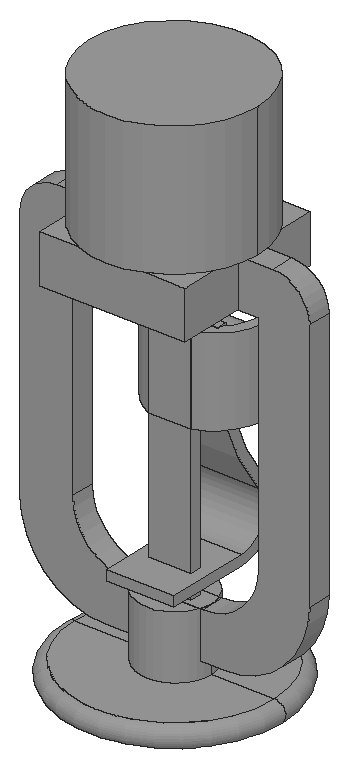
Revit family
Parameters (values of type "RASCO G PENDENT")
  Temperature Rating = 165 °F
  Response = (empty or 0)
  RASCO SIN # = "R1015"
  RASCO Part # = "GP1B"
  Pressure Rating = "175 PSI"
  Pressure Class = (empty or 0)
  Orifice Size = 1/2"
  Orifice = (empty or 0)
  Model = "G"
  Manufacturer = "RASCO"
  K-Factor = 5.62
  Description = "Brz. Finish"
  Coverage = (empty or 0)
Reference planes (in)
  plane 1 "Center (Front/Back)": y = 0
  plane 2: z = 0
  plane 3 "Center (Left/Right)": x = 0
Dimensions and locks (in)
  aligned and locked: plane 2 to level
Nested families (in)
  nested 1: "GP1B" at (-0.0055, 0.08275, 2.875) x (-1, 0, 0) z (0, 0, -1), type "RASCO G PENDENT"
Connectors (in)
  piping at (-0.0055, 0.08275, 2.875)
    settings: on nested 1, index 1, connector radius 0.43", flow factor 0, pipe flow 0 GPM, pressure drop 0.00 psi, fitting loss kfactor 0, connector angle 0.00°, fixture units 0, flow configuration 0, flow direction 0, fitting loss method 0, system type 7, connector reference index -1, connector utility 0, adjustable connector no, is connector primary yes, fitting loss table "", connector description ""
Definition of nested family "GP1B"
  Parameters (values of type "RASCO G PENDENT")
    Type Comments = ""
    Temperature Rating = 0 °F
    Response = (empty or 0)
    Pressure Rating = "0"
    Pressure Class = (empty or 0)
    Orifice Size = 0"
    Orifice = (empty or 0)
    Model = ""
    Manufacturer = ""
    K-Factor = 0
    Description = ""
    Coverage = (empty or 0)
    Assembly Code = ""
  Reference planes (in)
    plane 1 "Center (Front/Back)": y = 0
    plane 2: z = 0
    plane 3 "ref.2": z = 0.6875
    plane 4 "ref.3": z = 0.9375
    plane 5: x = -0.38065
    plane 6: x = 0.36935
    plane 7 "ref. side 1": y = 0.06402
    plane 8 "ref. side 2": y = -0.06098
    plane 9 "ref.4": z = 1.875
    plane 10 "ref.5": z = 2.875
    plane 11 "center": x = -0.00574
  Forms (in)
    Extrusion 1, solid, material "Default"
      sketch origin (0, 0, 0) x (1, 0, 0) y (0, 1, 0)
        loop
          circle (0, 0) r 0.438
      from 0 to 0.6875
    Extrusion 2, solid, material "Default"
      sketch origin (-0.12185, 0.05177, 0.6875) x (1, 0, 0) y (0, 1, 0)
        loop
          line (-0.2588, 0.356) -> (-0.2588, -0.4565) -> (0.4912, -0.4565) -> (0.4912, 0.356) -> (-0.2588, 0.356)
      from 0 to 0.25
    Extrusion 3, solid, material "Default"
      sketch origin (0, 0, 0) x (1, 0, 0) y (0, 0, 1)
        loop
          line (-0.49248, 0.9375) -> (-0.49248, 2.10276)
          arc (-0.49248, 2.10276) -> (-0.40724, 2.30855) -> (-0.20145, 2.39379) r 0.29103
          line (-0.20145, 2.39379) -> (0.18108, 2.39379)
          arc (0.18108, 2.39379) -> (0.38905, 2.30765) -> (0.47519, 2.09969) r 0.29411
          line (0.47519, 2.09969) -> (0.47519, 0.9375) -> (0.36935, 0.9375) -> (0.36935, 0.6875) -> (0.55741, 0.6875)
          arc (0.55741, 0.6875) -> (0.69165, 0.7431) -> (0.74725, 0.87734) r 0.18984
          line (0.74725, 0.87734) -> (0.74725, 2.19113)
          arc (0.74725, 2.19113) -> (0.61669, 2.50631) -> (0.3015, 2.63687) r 0.44574
          line (0.3015, 2.63687) -> (-0.30719, 2.63687)
          arc (-0.30719, 2.63687) -> (-0.62225, 2.50637) -> (-0.75275, 2.19131) r 0.44556
          line (-0.75275, 2.19131) -> (-0.75275, 0.87876)
          arc (-0.75275, 0.87876) -> (-0.69673, 0.74352) -> (-0.56149, 0.6875) r 0.19126
          line (-0.56149, 0.6875) -> (-0.38065, 0.6875) -> (-0.38065, 0.9375) -> (-0.49248, 0.9375)
      from -0.06402 to 0.06098
    Extrusion 4, solid, material "Default"
      sketch origin (-0.00199, 0, 2.4375) x (-1, 0, 0) y (0, -1, 0)
        loop
          circle (0.00574, -0.00152) r 0.1875
      from -0.04371 to 0.4375
    Revolve 5, solid, material "Default"
      sketch origin (-0.0011, 0, 0.30638) x (1, 0, 0) y (0, 0, 1)
        loop
          line (-0.00574, 2.41507) -> (-0.00574, 2.52719) -> (-0.52401, 2.52719)
          arc (-0.52401, 2.52719) -> (-0.58007, 2.47113) -> (-0.52401, 2.41507) r 0.05606
          line (-0.52401, 2.41507) -> (-0.00574, 2.41507)
        axis (-0.00574, 2.41507) -> (-0.00574, 2.52719)
      angle from 0 to 360
    Extrusion 6, solid, material "Default"
      sketch origin (0, 0, 0.9375) x (-1, 0, 0) y (0, -1, 0)
        loop
          line (-0.10175, -0.02852) -> (0.11324, -0.02852) -> (0.11324, 0.03101) -> (-0.10175, 0.03101) -> (-0.10175, -0.02852)
      from 0 to 1.45629
    Extrusion 7, solid, material "Default"
      sketch origin (-0.00574, -0.0095, -0.07537) x (0, 0, -1) y (0, -1, 0)
        loop
          line (-2.39379, 0.21198) -> (-2.39379, -0.229)
          arc (-2.39379, -0.229) -> (-2.26956, -0.41579) -> (-2.04926, -0.37342) r 0.20254
          arc (-2.04926, -0.37342) -> (-1.6599, -0.16721) -> (-1.22163, -0.12207) r 1.15319
          line (-1.22163, -0.12207) -> (-1.22163, -0.07087)
          arc (-1.22163, -0.07087) -> (-1.6782, -0.11947) -> (-2.0834, -0.33544) r 1.20419
          arc (-2.0834, -0.33544) -> (-2.24878, -0.36919) -> (-2.34279, -0.229) r 0.15154
          line (-2.34279, -0.229) -> (-2.34279, 0.21198) -> (-2.39379, 0.21198)
      from -0.17255 to 0.17398
    Extrusion 8, solid, material "Default"
      sketch origin (0, 0, 0) x (1, 0, 0) y (0, 1, 0)
        loop
          arc (0.23993, 0.23051) -> (0.19768, 0.11115) -> (0.10175, 0.02852) r 0.24647
          line (0.10175, 0.02852) -> (-0.11324, 0.02852)
          arc (-0.11324, 0.02852) -> (-0.21767, 0.12447) -> (-0.25194, 0.2621) r 0.24647
          line (-0.25194, 0.2621) -> (-0.25194, 0.40777) -> (-0.30719, 0.40777) -> (-0.30719, 0.25942)
          arc (-0.30719, 0.25942) -> (-0.25653, 0.08328) -> (-0.11324, -0.03101) r 0.30157
          line (-0.11324, -0.03101) -> (0.10175, -0.03101)
          arc (0.10175, -0.03101) -> (0.24461, 0.08262) -> (0.29574, 0.25785) r 0.30157
          line (0.29574, 0.25785) -> (0.29574, 0.40777) -> (0.23993, 0.40777) -> (0.23993, 0.23051)
      from 1.14626 to 1.59756
    Extrusion 9, solid, material "Default"
      sketch origin (-0.00574, -0.0095, -0.07537) x (0, 0, -1) y (0, -1, 0)
        loop
          circle (-1.44728, -0.26892) r 0.13147
      from -0.24568 to 0.24619
  Cuts and joins
    joined: Extrusion 1, Extrusion 2, Revolve 5
  Dimensions and locks (in)
    plane 10 "ref.5" to level = 2.875"
